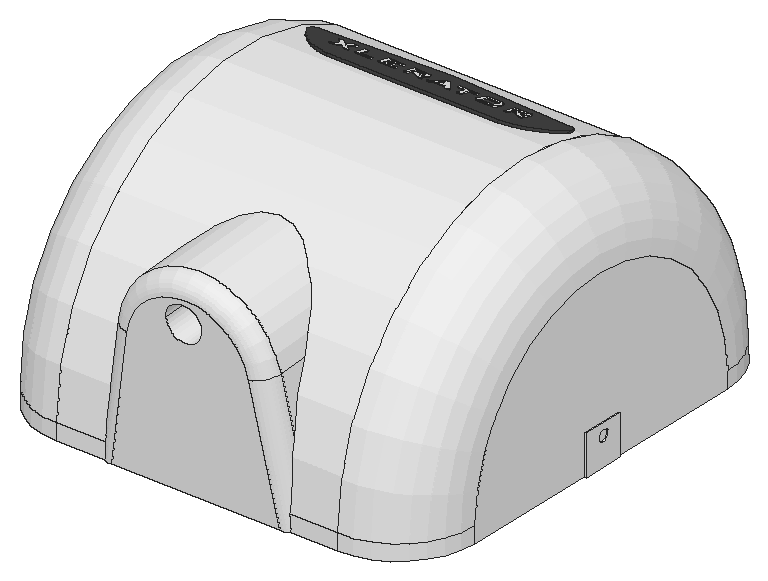
Revit family "Hand_Dryer-Excel_Dryer-XLERATOR_Unit", category Specialty Equipment, host Face, Revit 2017
Family settings
  Host = Face
  Round Connector Dimension = Use Diameter
  Part Type = Normal
  OmniClass Number = 23.40.20.21.14
  OmniClass Title = Hand and Hair Dryers
  Cut with Voids When Loaded = No
  Shared = No
  Room Calculation Point = No
Parameters (values of type "Not a Type - Load Type Catalog")
  Version = "2017 - v1.0b"  # constant formula
  Mounting Note = "For correct placement, match Elevation to Mounting Height."  # constant formula
  Width = 0' - 11 15/16"  # constant formula
  Watts = 15000 W
  Warranty Duration = " 5 Years"  # constant formula
  Voltage = 120 V
  Void Depth = 7' - 5 15/16"
  Void = 0' - 0 1/16"
  URL = "http://www.exceldryer.com/index.php"
  Time Cycle = "Automatic"  # constant formula
  Teenagers Washroom Mounting Height [instance] = yes
  Run-Time Cycle = "Automatic"  # constant formula
  Product Weight = "17lbs"
  Product Page URL = "https://www.exceldryer.com/product/xlerator-hand-dryer/"
  Product Name = "XLERATOR Hand Dryer"  # constant formula
  Product Documentation Link = "https://www.exceldryer.com/wp-content/uploads/2019/12/XLERATOR-Product-Sheet.pdf"
  Power Factor = 1
  Phase = 1
  Output at Outlet (LFM) = "16000"  # constant formula
  Number of Poles = 1
  Noise Reduction Nozzle Product Documentation Link = "http://www.exceldryer.com/pdfs/2014/Excel2014SpeedSound.pdf"
  Noise Reduction Nozzle [instance] = yes
  Mounting Height [instance] = if(Teenagers Washroom Mounting Height, 3' 5", if(Men's Washroom Mounting Height, 3' 9", if(Ladies Washroom Mounting Height, 3' 7", if(Handicapped Washroom Mounting Height, 3' 1", if(Children's Washroom Mounting Height, 2' 11", 3' 5")))))  # 3' - 5"
  Motor Note = "12.5 A@110/120V Single phase (4.5A eco); 7.0 A @208V Single phase (2.1A eco); 6.5 A @220/240V Single phase(2.2A eco); 5.5 A @277V Single phase (no eco available)."  # constant formula
  Model = "Wall Guard White"
  Men's Washroom Mounting Height [instance] = no
  Material = ""
  Manufacturer Phone Number = "800-255-9235"  # constant formula
  Manufacturer Fax Number = "1-413-525-2853"  # constant formula
  Manufacturer Email = "mailto:sales@exceldryer.com"
  Manufacturer Address = "357 Chestnut St. P. O. Box 365, East Longmeadow, MA 01028"  # constant formula
  Manufacturer = "Excel Dryer"  # constant formula
  Maintenance Schedule = "Once to Twice per Year"  # constant formula
  Ladies Washroom Mounting Height [instance] = no
  Keynote = "10 28 13"
  Installation Phase = "Single"  # constant formula
  Impact Resistant Note = "UL 499"  # constant formula
  Height = 1' - 0 7/8"  # constant formula
  Heating Element = "900 Watts"  # constant formula
  Handicapped Washroom Mounting Height [instance] = no
  HEPA Filter [instance] = yes
  Green Building LEED = "http://www.exceldryer.com/PressKit/Green.php"
  Frequency = 60 Hz
  Expected Lifespan = "15+ Years"  # constant formula
  Dry Time = "10-15 Seconds"  # constant formula
  Description = "XLERATOR Hand Dryer"  # constant formula
  Depth = 0' - 6 7/8"  # constant formula
  Default Elevation = 3' - 5"
  Cover Material = "Thermoset BMC"
  Cost Savings Analysis = "http://www.exceldryer.com/calculator.php"
  Cost Information = "http://www.exceldryer.com/contact_us.php"
  Copyright = "© 2019 Excel Dryer. All Rights Reserved."  # constant formula
  Children's Washroom Mounting Height [instance] = no
  Cover Finish = Metal - Excel Dryer - Chrome - Polished
  Assembly Code = "C1030200"
  Apparent Load = 1500 VA
  Amperage = 0 A
  Air Temperature (Farenheit) = 135 °F
  ADA Compliance = "http://www.exceldryer.com/pdfs/2014/Excel2014XChangerSell.pdf"
Reference planes (in)
  plane 1 "Center (Front/Back)": y = 0
  plane 2: z = 0
  plane 3 "Center (Left/Right)": x = 0
  plane 4 "Top": y = 6.4375
  plane 5 "Bottom": y = -6.4375
  plane 6 "Front": z = 6.875
  plane 7 "Back": z = 0
  plane 8: x = -5.96875
  plane 9: x = 5.96875
  plane 10: z = 7
  plane 11: z = 6.90625
  plane 12: x = -6.03125
  plane 13: x = 6.03125
  plane 14: z = 6.8125
  plane 15: z = -3.06852
  plane 16: z = 89.9375
  plane 17: x = -0.03125
  plane 18: x = 0.03125
Forms (in)
  Extrusion 1, solid, material "Metal - Excel Dryer - Chrome - Polished" <- "Cover Finish", detail levels medium+fine
    sketch origin (0.35593, -51.13237, 0) x (0, 0, -1) y (0, 1, 0)
      loop
        line (0, 51.71049) -> (-1.09375, 51.71049) -> (-1.09375, 50.55424) -> (0, 50.55424) -> (0, 51.71049)
      loop
        circle (-0.78125, 51.13237) r 0.16406
    from 5.61282 to 5.67532
  Extrusion 2, solid, material "Metal - Excel Dryer - Chrome - Polished" <- "Cover Finish", detail levels medium+fine
    sketch origin (-0.35593, -51.13237, 0) x (0, 0, -1) y (0, -1, 0)
      loop
        line (0, -51.71049) -> (0, -50.55424) -> (-1.09375, -50.55424) -> (-1.09375, -51.71049) -> (0, -51.71049)
      loop
        circle (-0.78125, -51.13237) r 0.16406
    from 5.61282 to 5.67532
  Extrusion 3, solid, material "Metallic - Paint - Excel Dryer - Flaked Satin - Black - Logo"
    sketch origin (0.04435, -52.11263, 10.34585) x (1, 0, 0) y (0, 0.969716, -0.244235)
      loop
        line (-2.41005, 52.33689) -> (2.32135, 52.33689)
        arc (2.32135, 52.33689) -> (3.04743, 52.62507) -> (3.55748, 53.21676) r 1.63801
        arc (3.55748, 53.21676) -> (3.55055, 53.40442) -> (3.39174, 53.50462) r 0.2012
        arc (3.39174, 53.50462) -> (-0.04435, 53.77107) -> (-3.48045, 53.50462) r 22.28875
        arc (-3.48045, 53.50462) -> (-3.63926, 53.40442) -> (-3.64618, 53.21676) r 0.2012
        arc (-3.64618, 53.21676) -> (-3.13614, 52.62507) -> (-2.41005, 52.33689) r 1.63801
    from 9.50784 to 9.57368
  Extrusion 4, void
    sketch origin (0, 0, 90) x (1, 0, 0) y (0, 0, 1)
      loop
        line (-0.03125, -90) -> (-0.03125, -90.0625) -> (0.03125, -90.0625) -> (0.03125, -90) -> (-0.03125, -90)
    from -6.4375 to 6.4375
  Sweep 5, solid, material "Metal - Excel Dryer - Chrome - Polished" <- "Cover Finish"
    path origin (0, 0, 0) x (0, 1, 0) y (0, 0, -1)
      loop
        line (-6.4375, 0) -> (-6.4375, -0.4375)
        arc (-6.4375, -0.4375) -> (0, -6.875) -> (6.4375, -0.4375) r 6.4375
        line (6.4375, -0.4375) -> (6.4375, 0)
    profile origin (0, -6.4375, 0.21875) x (0, 1, 0) y (-1, 0, 0)
      loop
        arc (0, -3.875) -> (0.61325, -5.3555) -> (2.09375, -5.96875) r 2.09375
        line (2.09375, -5.96875) -> (2.09375, -5.67409)
        arc (2.09375, -5.67409) -> (0.88959, -5.07916) -> (0.29466, -3.875) r 2.09375
        line (0.29466, -3.875) -> (0, -3.875)
  Sweep 6, solid, material "Metal - Excel Dryer - Chrome - Polished" <- "Cover Finish"
    path origin (0, 0, 0) x (0, 1, 0) y (0, 0, 1)
      loop
        line (-6.4375, 0) -> (-6.4375, 0.4375)
        arc (-6.4375, 0.4375) -> (0, 6.875) -> (6.4375, 0.4375) r 6.4375
        line (6.4375, 0.4375) -> (6.4375, 0)
    profile origin (0, -6.4375, 0.21875) x (0, -1, 0) y (1, 0, 0)
      loop
        line (0, -3.875) -> (-0.29466, -3.875)
        arc (-0.29466, -3.875) -> (-0.88959, -5.07916) -> (-2.09375, -5.67409) r 2.09375
        line (-2.09375, -5.67409) -> (-2.09375, -5.96875)
        arc (-2.09375, -5.96875) -> (-0.61325, -5.3555) -> (0, -3.875) r 2.09375
  Extrusion 7, solid, material "Metal - Excel Dryer - Chrome - Polished" <- "Cover Finish"
    sketch origin (0, 0, 0) x (0, 1, 0) y (0, 0, 1)
      loop
        arc (6.4375, 0.4375) -> (0, 6.875) -> (-6.4375, 0.4375) r 6.4375
        line (-6.4375, 0.4375) -> (-6.4375, 0) -> (6.4375, 0) -> (6.4375, 0.4375)
    from -3.875 to 3.875
  Extrusion 8, solid, material "Metal - Excel Dryer - Chrome - Polished" <- "Cover Finish"
    sketch origin (0, 0, 0) x (0, 1, 0) y (0, 0, 1)
      loop
        arc (4.34375, 0.4375) -> (0, 4.78125) -> (-4.34375, 0.4375) r 4.34375
        line (-4.34375, 0.4375) -> (-4.34375, 0) -> (4.34375, 0) -> (4.34375, 0.4375)
    from -5.96875 to 5.96875
  Extrusion 9, solid, material "Bulk Molding Compound - Excel Dryer - Thermoset Resin - White"
    sketch origin (0, -1.70588, 0.5354) x (1, 0, 0) y (0, 0.969716, -0.244235)
      loop
        line (-2.67817, 2.04384) -> (-2.8097, 2.04384) -> (-2.60475, 1.8389) -> (-2.78153, 1.66212) -> (-2.65291, 1.66212) -> (-2.51493, 1.8001) -> (-2.37695, 1.66212) -> (-2.23798, 1.66212) -> (-2.4636, 1.85144) -> (-2.27119, 2.04384) -> (-2.39981, 2.04384) -> (-2.53899, 1.90466) -> (-2.67817, 2.04384)
      loop
        line (-2.07212, 2.04384) -> (-2.07212, 1.66212) -> (-1.62956, 1.66212) -> (-1.62956, 1.73959) -> (-1.96781, 1.73959) -> (-1.96781, 2.04384) -> (-2.07212, 2.04384)
      loop
        line (-1.426, 2.04384) -> (-1.426, 1.66212) -> (-0.97028, 1.66212) -> (-0.97028, 1.73959) -> (-1.31865, 1.73959) -> (-1.31865, 1.8141) -> (-1.12218, 1.8141) -> (-1.12218, 1.88196) -> (-1.31865, 1.88196) -> (-1.31865, 1.96384) -> (-0.97028, 1.96384) -> (-0.97028, 2.04384) -> (-1.426, 2.04384)
      loop
        line (-0.72028, 2.04384) -> (-0.72028, 1.66212) -> (-0.62728, 1.66212) -> (-0.62728, 1.80125) -> (-0.53481, 1.80125) -> (-0.33002, 1.65786) -> (-0.20809, 1.65786) -> (-0.37898, 1.80125) -> (-0.28045, 1.80125)
        arc (-0.28045, 1.80125) -> (-0.2461, 1.81548) -> (-0.23187, 1.84984) r 0.04858
        line (-0.23187, 1.84984) -> (-0.23187, 1.99346)
        arc (-0.23187, 1.99346) -> (-0.24663, 2.02909) -> (-0.28225, 2.04384) r 0.05038
        line (-0.28225, 2.04384) -> (-0.72028, 2.04384)
      loop
        line (-0.33402, 1.96384) -> (-0.62728, 1.96384) -> (-0.62728, 1.866) -> (-0.33402, 1.866) -> (-0.33402, 1.96384)
      loop
        line (-0.08906, 1.65786) -> (0.02221, 1.65786) -> (0.07196, 1.72892) -> (0.35839, 1.72892) -> (0.42946, 1.65786) -> (0.54714, 1.65786) -> (0.25628, 2.04384) -> (0.18121, 2.04384) -> (-0.08906, 1.65786)
      loop
        line (0.13647, 1.82104) -> (0.29773, 1.82104) -> (0.21414, 1.93197) -> (0.13647, 1.82104)
      loop
        line (0.54288, 2.04384) -> (0.54288, 1.96384) -> (0.73733, 1.96384) -> (0.73733, 1.65786) -> (0.84974, 1.65786) -> (0.84974, 1.96384) -> (1.05633, 1.96384) -> (1.05633, 2.04384) -> (0.54288, 2.04384)
      loop
        line (1.33382, 1.96384) -> (1.33382, 1.72892) -> (1.68119, 1.72892) -> (1.68119, 1.96384) -> (1.33382, 1.96384)
      loop
        arc (1.32577, 2.04384) -> (1.2484, 2.01179) -> (1.21635, 1.93442) r 0.10943
        line (1.21635, 1.93442) -> (1.21635, 1.76426)
        arc (1.21635, 1.76426) -> (1.24751, 1.68902) -> (1.32274, 1.65786) r 0.1064
        line (1.32274, 1.65786) -> (1.71133, 1.65786)
        arc (1.71133, 1.65786) -> (1.76306, 1.67929) -> (1.78448, 1.73102) r 0.07316
        line (1.78448, 1.73102) -> (1.78448, 1.93678)
        arc (1.78448, 1.93678) -> (1.75313, 2.01249) -> (1.67743, 2.04384) r 0.10706
        line (1.67743, 2.04384) -> (1.32577, 2.04384)
      loop
        line (2.04672, 2.04384) -> (2.04672, 1.66212) -> (2.13972, 1.66212) -> (2.13972, 1.80125) -> (2.23218, 1.80125) -> (2.43697, 1.65786) -> (2.5589, 1.65786) -> (2.38801, 1.80125) -> (2.48654, 1.80125)
        arc (2.48654, 1.80125) -> (2.52089, 1.81548) -> (2.53512, 1.84984) r 0.04858
        line (2.53512, 1.84984) -> (2.53512, 1.99346)
        arc (2.53512, 1.99346) -> (2.52037, 2.02909) -> (2.48474, 2.04384) r 0.05038
        line (2.48474, 2.04384) -> (2.04672, 2.04384)
      loop
        line (2.43297, 1.96384) -> (2.13972, 1.96384) -> (2.13972, 1.866) -> (2.43297, 1.866) -> (2.43297, 1.96384)
    from 6.72073 to 6.78955
  Extrusion 10, solid, material "Metal - Excel Dryer - Chrome - Polished" <- "Cover Finish"
    sketch origin (0, 0.55286, -0.51363) x (1, 0, 0) y (0, -0.069756, 0.997564)
      loop
        line (2.82367, 1) -> (2.17517, 4.67784)
        arc (2.17517, 4.67784) -> (0, 6.50302) -> (-2.17517, 4.67784) r 2.20873
        line (-2.17517, 4.67784) -> (-2.82367, 1) -> (2.82367, 1)
      loop
        circle (-0.07102, 5.38601) r 0.5
    from 0 to 7
  Sweep 11, void
    path in 3D
      loop
        line (2.82367, -6.49985, -0.00436) -> (2.17517, -6.7564, 3.66452)
        arc (2.17517, -6.7564, 3.66452) -> (0, -6.88372, 5.48526) -> (-2.17517, -6.7564, 3.66452) r 2.20873
        line (-2.17517, -6.7564, 3.66452) -> (-2.82367, -6.49985, -0.00436)
    profile ".5" miter : Family1" origin (2.49942, -6.62812, 1.83008) x (-0.984808, 0.012113, -0.173225) y (0, -0.997564, -0.069756)
      loop
        line (0, 0) -> (0, -0.5)
        arc (0, -0.5) -> (0.14645, -0.14645) -> (0.5, 0) r 0.5
        line (0.5, 0) -> (0, 0)
Cuts and joins
  Extrusion 4 cuts Extrusion 1
  Extrusion 4 cuts Extrusion 2
  joined: Sweep 5, Sweep 6, Extrusion 7, Extrusion 8
  Sweep 11 cuts Extrusion 10
Lines and regions (in)
  Masking region 1
    outline origin (0, 0, 0) x (1, 0, 0) y (0, 0, 1)
      loop
        line (5.96875, 0) -> (5.96875, 6.60679)
        arc (5.96875, 6.60679) -> (5.90208, 6.79526) -> (5.71875, 6.875) r 0.25062
        line (5.71875, 6.875) -> (-5.71875, 6.875)
        arc (-5.71875, 6.875) -> (-5.90208, 6.79526) -> (-5.96875, 6.60679) r 0.25062
        line (-5.96875, 6.60679) -> (-5.96875, 0) -> (5.96875, 0)
  sketch lines
    curve 1: line (2.82367, -6.49985, -0.00436) -> (2.17517, -6.7564, 3.66452)
    curve 2: arc (-2.17517, -6.7564, 3.66452) -> (0, -6.88372, 5.48526) -> (2.17517, -6.7564, 3.66452) r 2.20873
    curve 3: line (-2.17517, -6.7564, 3.66452) -> (-2.82367, -6.49985, -0.00436)
Dimensions and locks (in)
  equal spacing: plane 5 "Bottom", plane 1 "Center (Front/Back)", plane 4 "Top"
  "Height": plane 5 "Bottom" to plane 4 "Top"
  equal spacing: plane 8, plane 3 "Center (Left/Right)", plane 9
  "Width": plane 8 to plane 9
  "Depth": plane 6 "Front" to plane 7 "Back"
  plane 2 to plane 7 "Back" = 0' - 0"
  locked: Extrusion 2 sketch curve to plane 7 "Back" at 1.09375
  Extrusion 2 sketch curve to plane 1 "Center (Front/Back)" to Extrusion 2 sketch curve = 0' - 0 37/64" locked, 0' - 0 37/64" locked
  locked: plane 1 "Center (Front/Back)" to Extrusion 2 sketch curve at 0
  locked: Extrusion 2 sketch curve to plane 7 "Back" at 0.78125
  locked: Extrusion 1 sketch curve to plane 7 "Back" at 1.09375
  Extrusion 1 sketch curve to plane 1 "Center (Front/Back)" to Extrusion 1 sketch curve = 0' - 0 37/64" locked, 0' - 0 37/64" locked
  locked: plane 1 "Center (Front/Back)" to Extrusion 1 sketch curve at 0
  locked: Extrusion 1 sketch curve to plane 7 "Back" at 0.78125
  locked: plane 10 to plane 6 "Front" at 0.125
  locked: plane 11 to plane 6 "Front" at 0.03125
  locked: plane 13 to plane 9 at 0.0625
  locked: plane 8 to plane 12 at 0.0625
  locked: plane 6 "Front" to plane 14 at 0.0625
  Masking region 1 sketch curve to Masking region 1 sketch curve to plane 6 "Front" = 0' - 0" locked, 0' - 0.25062" locked
  locked: Masking region 1 sketch curve to plane 8 at 0.25
  locked: plane 9 to Masking region 1 sketch curve at 0.25
  "Void Depth": plane 16 to plane 2
  equal spacing: plane 18, plane 3 "Center (Left/Right)", plane 17
  "Void": plane 18 to plane 17
  plane 15 to Extrusion 4 sketch curve to Extrusion 4 sketch curve to Extrusion 4 sketch curve = 0' - 3.00602" locked, 0' - 0 1/16" locked, 0' - 0" locked
  aligned and locked: plane 2 to host face
  aligned and locked: level to host face
  aligned and locked: plane 7 "Back" to Extrusion 2 sketch curve
  aligned and locked: Extrusion 1 sketch curve to plane 7 "Back"
  aligned and locked: Extrusion 1 to plane 9
  aligned and locked: plane 8 to Extrusion 2
  aligned and locked: Extrusion 2 to plane 12
  aligned and locked: Extrusion 1 to plane 13
  aligned and locked: Masking region 1 sketch curve to plane 6 "Front"
  aligned and locked: plane 8 to Masking region 1 sketch curve
  aligned and locked: Masking region 1 sketch curve to plane 9
  aligned and locked: plane 7 "Back" to Masking region 1 sketch curve
  aligned and locked: plane 18 to Extrusion 4 sketch curve
  aligned and locked: Extrusion 4 sketch curve to plane 17
  aligned and locked: plane 4 "Top" to Extrusion 4
  aligned and locked: plane 5 "Bottom" to Extrusion 4
Automatic sketch dimensions
  host sketch curve to host sketch curve = 8' - 0"  (x2)
  Sweep 5 sketch curve to plane 5 "Bottom" = 0' - 0"
  Sweep 5 sketch curve to plane 1 "Center (Front/Back)" = 0' - 0"
  Sweep 5 sketch curve to level = 0' - 0"  (x2)
  level to Sweep 5 sketch curve = 0' - 0 7/16"
  profile plane to Sweep 5 sketch curve = 0' - 0"
  Sweep 5 sketch curve to profile plane = 0' - 0.29466"
  Sweep 5 sketch curve to profile plane = 0' - 2 3/32"
  Sweep 5 sketch curve to Sweep 5 sketch curve = 0' - 0.27634"
  Sweep 5 sketch curve to profile plane = 0' - 5 31/32"
  Sweep 5 sketch curve to Sweep 5 sketch curve = 0' - 0.29466"
  Sweep 6 sketch curve to plane 5 "Bottom" = 0' - 0"
  Sweep 6 sketch curve to plane 1 "Center (Front/Back)" = 0' - 0"
  Sweep 6 sketch curve to level = 0' - 0"  (x2)
  Sweep 6 sketch curve to Sweep 6 sketch curve = 0' - 0 7/16"
  Sweep 6 sketch curve to profile plane = 0' - 0"
  Sweep 6 sketch curve to Sweep 6 sketch curve = 0' - 0.29466"  (x2)
  profile plane to Sweep 6 sketch curve = 0' - 2 3/32"
  Sweep 6 sketch curve to Sweep 6 sketch curve = 0' - 0.27634"
  Sweep 6 sketch curve to profile plane = 0' - 5 31/32"
  Extrusion 7 sketch curve to plane 5 "Bottom" = 0' - 0"
  Extrusion 7 sketch curve to level = 0' - 0"
  Extrusion 7 sketch curve to plane 1 "Center (Front/Back)" = 0' - 0"
  Extrusion 7 sketch curve to Extrusion 7 sketch curve = 0' - 0 7/16"
  Extrusion 8 sketch curve to plane 1 "Center (Front/Back)" = 0' - 0"
  level to Extrusion 8 sketch curve = 0' - 0 7/16"
  Extrusion 8 sketch curve to plane 4 "Top" = 0' - 2 3/32"
  Extrusion 8 sketch curve to level = 0' - 0"
  Extrusion 3 sketch curve to plane 3 "Center (Left/Right)" = 0' - 0"
  Extrusion 3 sketch curve to plane 3 "Center (Left/Right)" = 0' - 2.14192"
  Extrusion 3 sketch curve to Extrusion 3 sketch curve = 0' - 0.22378"  (x2)
  Extrusion 3 sketch curve to Extrusion 3 sketch curve = 0' - 1.05484"  (x2)
  plane 3 "Center (Left/Right)" to Extrusion 3 sketch curve = 0' - 2.14192"
  Extrusion 3 sketch curve to Extrusion 3 sketch curve = 1' - 8.85457"
  Extrusion 3 sketch curve to Extrusion 3 sketch curve = 0' - 0.96713"  (x2)
  Extrusion 3 sketch curve to Extrusion 3 sketch curve = 0' - 0.65552"  (x2)
  Extrusion 3 sketch curve to Extrusion 3 sketch curve = 0' - 0.01556"  (x2)
  Extrusion 3 sketch curve to Extrusion 3 sketch curve = 0' - 0.18129"
  Extrusion 9 sketch curve to plane 3 "Center (Left/Right)" = 0' - 2.8097"
  Extrusion 9 sketch curve to Extrusion 9 sketch curve = 0' - 0.02817"
  Extrusion 9 sketch curve to Extrusion 9 sketch curve = 0' - 0.13153"
  Extrusion 9 sketch curve to Extrusion 9 sketch curve = 0' - 0.12862"  (x2)
  Extrusion 9 sketch curve to Extrusion 9 sketch curve = 0' - 0.04816"
  Extrusion 9 sketch curve to Extrusion 9 sketch curve = 0' - 0.06576"
  Extrusion 9 sketch curve to Extrusion 9 sketch curve = 0' - 0.08982"
  Extrusion 9 sketch curve to Extrusion 9 sketch curve = 0' - 0.05134"  (x2)
  Extrusion 9 sketch curve to Extrusion 9 sketch curve = 0' - 0.13918"
  Extrusion 9 sketch curve to Extrusion 9 sketch curve = 0' - 0.13798"
  Extrusion 9 sketch curve to Extrusion 9 sketch curve = 0' - 0.13898"
  Extrusion 9 sketch curve to Extrusion 9 sketch curve = 0' - 0.19907"
  Extrusion 9 sketch curve to Extrusion 9 sketch curve = 0' - 0.10431"
  Extrusion 9 sketch curve to Extrusion 9 sketch curve = 0' - 0.33825"
  Extrusion 9 sketch curve to Extrusion 9 sketch curve = 0' - 0.20356"
  Extrusion 9 sketch curve to Extrusion 9 sketch curve = 0' - 0.10735"  (x2)
  Extrusion 9 sketch curve to Extrusion 9 sketch curve = 0' - 0.19647"
  Extrusion 9 sketch curve to Extrusion 9 sketch curve = 0' - 0.1519"  (x2)
  Extrusion 9 sketch curve to Extrusion 9 sketch curve = 0' - 0 1/4"
  Extrusion 9 sketch curve to Extrusion 9 sketch curve = 0' - 0.093"  (x3)
  Extrusion 9 sketch curve to Extrusion 9 sketch curve = 0' - 0.09247"  (x2)
  Extrusion 9 sketch curve to Extrusion 9 sketch curve = 0' - 0.15582"  (x2)
  Extrusion 9 sketch curve to Extrusion 9 sketch curve = 0' - 0.04496"  (x2)
  Extrusion 9 sketch curve to Extrusion 9 sketch curve = 0' - 0.04896"  (x2)
  Extrusion 9 sketch curve to Extrusion 9 sketch curve = 0' - 0.05177"  (x2)
  Extrusion 9 sketch curve to Extrusion 9 sketch curve = 0' - 0.05357"  (x2)
  Extrusion 9 sketch curve to Extrusion 9 sketch curve = 0' - 0.04858"
  Extrusion 9 sketch curve to Extrusion 9 sketch curve = 0' - 0.12193"  (x2)
  Extrusion 9 sketch curve to plane 3 "Center (Left/Right)" = 0' - 0.08906"
  plane 3 "Center (Left/Right)" to Extrusion 9 sketch curve = 0' - 0.02221"
  plane 3 "Center (Left/Right)" to Extrusion 9 sketch curve = 0' - 0.07196"
  Extrusion 9 sketch curve to Extrusion 9 sketch curve = 0' - 0.0645"
  plane 3 "Center (Left/Right)" to Extrusion 9 sketch curve = 0' - 0.18121"
  Extrusion 9 sketch curve to Extrusion 9 sketch curve = 0' - 0.03293"
  Extrusion 9 sketch curve to Extrusion 9 sketch curve = 0' - 0.07507"
  Extrusion 9 sketch curve to Extrusion 9 sketch curve = 0' - 0.08359"
  Extrusion 9 sketch curve to Extrusion 9 sketch curve = 0' - 0.06067"
  Extrusion 9 sketch curve to Extrusion 9 sketch curve = 0' - 0.07106"  (x2)
  Extrusion 9 sketch curve to Extrusion 9 sketch curve = 0' - 0.24515"
  Extrusion 9 sketch curve to Extrusion 9 sketch curve = 0' - 0.11768"
  Extrusion 9 sketch curve to Extrusion 9 sketch curve = 0' - 0.19019"
  Extrusion 9 sketch curve to Extrusion 9 sketch curve = 0' - 0.11241"
  Extrusion 9 sketch curve to Extrusion 9 sketch curve = 0' - 0.2066"
  Extrusion 9 sketch curve to Extrusion 9 sketch curve = 0' - 0.16001"
  Extrusion 9 sketch curve to Extrusion 9 sketch curve = 0' - 0.1064"
  Extrusion 9 sketch curve to Extrusion 9 sketch curve = 0' - 0.10943"
  Extrusion 9 sketch curve to Extrusion 9 sketch curve = 0' - 0.00805"
  Extrusion 9 sketch curve to Extrusion 9 sketch curve = 0' - 0.35166"
  Extrusion 9 sketch curve to Extrusion 9 sketch curve = 0' - 0.00376"
  Extrusion 9 sketch curve to Extrusion 9 sketch curve = 0' - 0.03014"
  Extrusion 9 sketch curve to Extrusion 9 sketch curve = 0' - 0.1033"
  Extrusion 9 sketch curve to Extrusion 9 sketch curve = 0' - 0.26223"
  Extrusion 9 sketch curve to Extrusion 9 sketch curve = 0' - 0"  (x9)
  Extrusion 9 sketch curve to Extrusion 9 sketch curve = 0' - 0.05038"
  Extrusion 9 sketch curve to Extrusion 9 sketch curve = 0' - 0.07316"
  Extrusion 9 sketch curve to Extrusion 9 sketch curve = 0' - 0.00426"  (x3)
  Extrusion 9 sketch curve to Extrusion 9 sketch curve = 0' - 0.03534"
  Extrusion 9 sketch curve to Extrusion 9 sketch curve = 0' - 0.07747"  (x2)
  Extrusion 9 sketch curve to Extrusion 9 sketch curve = 0' - 0.13913"  (x2)
  Extrusion 9 sketch curve to Extrusion 9 sketch curve = 0' - 0.14339"  (x2)
  Extrusion 9 sketch curve to Extrusion 9 sketch curve = 0' - 0.07451"
  Extrusion 9 sketch curve to Extrusion 9 sketch curve = 0' - 0.09212"
  Extrusion 9 sketch curve to Extrusion 9 sketch curve = 0' - 0.0388"
  Extrusion 9 sketch curve to Extrusion 9 sketch curve = 0' - 0.06475"  (x2)
  Extrusion 9 sketch curve to Extrusion 9 sketch curve = 0' - 0.06785"
  Extrusion 9 sketch curve to Extrusion 9 sketch curve = 0' - 0.05322"
  Extrusion 9 sketch curve to Extrusion 9 sketch curve = 0' - 0.11093"
  Extrusion 9 sketch curve to Extrusion 9 sketch curve = 0' - 0.17016"
  Extrusion 9 sketch curve to Extrusion 9 sketch curve = 0' - 0.02942"  (x2)
  Extrusion 9 sketch curve to Extrusion 9 sketch curve = 0' - 0.09784"  (x2)
  Extrusion 9 sketch curve to Extrusion 9 sketch curve = 0' - 0.14279"
  Extrusion 9 sketch curve to Extrusion 9 sketch curve = 0' - 0.08188"
  Extrusion 9 sketch curve to Extrusion 9 sketch curve = 0' - 0.02963"  (x2)
  Extrusion 9 sketch curve to Extrusion 9 sketch curve = 0' - 0.08001"  (x2)
  Extrusion 9 sketch curve to Extrusion 9 sketch curve = 0' - 0.11187"
  Extrusion 10 sketch curve to plane 3 "Center (Left/Right)" = 0' - 0"
  Extrusion 10 sketch curve to plane 3 "Center (Left/Right)" = 0' - 0.07102"
  Extrusion 10 sketch curve to plane 3 "Center (Left/Right)" = 0' - 2.17517"
  Extrusion 10 sketch curve to plane 3 "Center (Left/Right)" = 0' - 2.82367"
  plane 3 "Center (Left/Right)" to Extrusion 10 sketch curve = 0' - 2.17517"
  plane 3 "Center (Left/Right)" to Extrusion 10 sketch curve = 0' - 2.82367"
  Extrusion 10 sketch curve to Extrusion 10 sketch curve = 0' - 3.2943"
  Extrusion 10 sketch curve to Extrusion 10 sketch curve = 0' - 0.38354"
  Extrusion 10 sketch curve to Extrusion 10 sketch curve = 0' - 1.09172"
  radius of Extrusion 1 sketch curve = 0' - 0 21/128"
  radius of Extrusion 2 sketch curve = 0' - 0 21/128"
  radius of Extrusion 10 sketch curve = 0' - 0 1/2"
